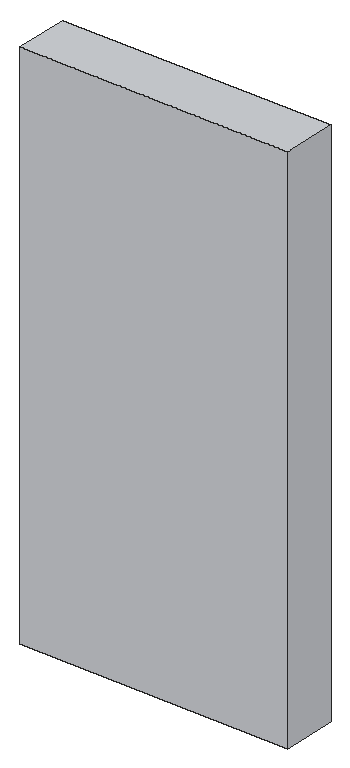
Revit family "CMRP_31_GM_UN_WindowBlock", category Generic Models, Revit 2022
Family settings
  Can host rebar = No
  Round Connector Dimension = Use Diameter
  Part Type = Normal
  Work Plane-Based = No
  Always vertical = Yes
  Cut with Voids When Loaded = No
  Maintain Annotation Orientation = No
  Shared = No
  Room Calculation Point = No
Parameters
  Default Elevation = 0 mm
  CMRP_CF_TX_WindowType [instance] = ""
  CMRP_CF_MA_Material [instance] = none
  CMRP_CF_LE_Width [instance] = 1000 mm
  CMRP_CF_LE_Height [instance] = 2000 mm
  CMRP_CF_LE_Depth [instance] = 200 mm
Reference planes
  plane 1 "Center (Front/Back)": y = 0
  plane 2: z = 0
  plane 3 "Center (Left/Right)": x = 0
  plane 4: x = -500
  plane 5: x = 500
  plane 6: y = -100
  plane 7: y = 100
  plane 8: z = 2000
Forms (mm)
  Extrusion 1, solid, material <- "CMRP_CF_MA_Material"
    sketch origin (0, 0, 0) x (1, 0, 0) y (0, 1, 0)
      loop
        line (-500, 100) -> (-500, -100) -> (500, -100) -> (500, 100) -> (-500, 100)
    from 0 to 2000
Dimensions and locks
  "CMRP_CF_LE_Width": plane 4 to plane 5
  equal spacing: plane 4, plane 3 "Center (Left/Right)", plane 5
  "CMRP_CF_LE_Depth": plane 7 to plane 6
  equal spacing: plane 7, plane 1 "Center (Front/Back)", plane 6
  "CMRP_CF_LE_Height": plane 8 to plane 2
  aligned and locked: level to plane 2
  aligned and locked: Extrusion 1 sketch curve to plane 7
  aligned and locked: plane 4 to Extrusion 1 sketch curve
  aligned and locked: plane 6 to Extrusion 1 sketch curve
  aligned and locked: Extrusion 1 sketch curve to plane 5
  aligned and locked: plane 8 to Extrusion 1
  aligned and locked: Extrusion 1 to level
